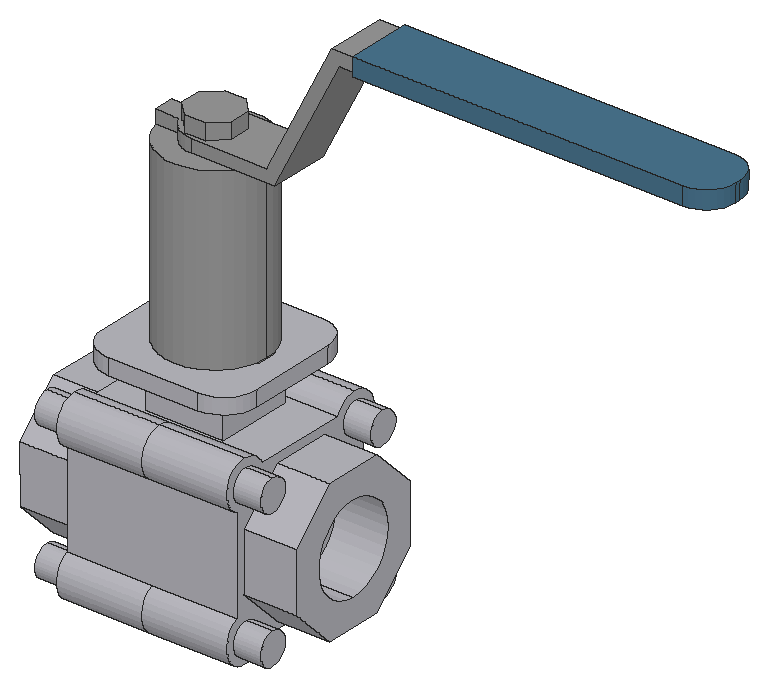
Revit family "321ASEK-Ball-Valve", category Pipe Accessories, Revit 2018
Family settings
  Round Connector Dimension = Use Diameter
  Part Type = Valve - Breaks Into
  OmniClass Number = 23.60.30.11.14
  OmniClass Title = Pipework Fittings
  Work Plane-Based = No
  Always vertical = Yes
  Cut with Voids When Loaded = No
  Shared = No
Parameters
  Z4 [instance] = size_lookup(LookupTable, "Z4", 0.000", Nominal Diameter)  # 0.920"
  Z3 [instance] = size_lookup(LookupTable, "Z3", 0.000", Nominal Diameter)  # 0.200"
  Weight [instance] = size_lookup(LookupTable, "Weight", "NA", Nominal Diameter)  # "4.59 lbs."
  URL = "http://www.fnw.com"
  Standards Lookup Table = "Standards"  # constant formula
  R3 [instance] = size_lookup(LookupTable, "R3", 0.000", Nominal Diameter)  # 1.24451"
  Product ID Handle [instance] = size_lookup(LookupTable, "ProductIDHandle", "NA", Nominal Diameter)  # "4448723"
  Product ID [instance] = size_lookup(LookupTable, "ProductID", "NA", Nominal Diameter)  # "4106150"
  Pipe Diameter [instance] = size_lookup(Standards Lookup Table, "copper", 0.000", Nominal Diameter)  # 1.125"
  Pins [instance] = Lm / 2  # 0.880"
  Pin Length [instance] = X2 * 4 + X3  # 2.8824"
  Pin Diameter [instance] = size_lookup(LookupTable, "m", 0.000", Nominal Diameter)  # 0.400"
  Pin Bung [instance] = Pin Diameter * 1.5  # 0.600"
  Part Number Handle [instance] = size_lookup(LookupTable, "PartNumberHandle", "NA", Nominal Diameter)  # "FNW320ASEKGH"
  Part Number [instance] = size_lookup(LookupTable, "PartNumber", "NA", Nominal Diameter)  # "FNW321AG"
  PIpe Radius [instance] = Pipe Diameter / 2  # 0.5625"
  NPT Insert [instance] = size_lookup(Standards Lookup Table, "NPT_insert", 0.000", Nominal Diameter)  # 0.6828"
  Manufacturer = "FNW"  # constant formula
  Lm [instance] = size_lookup(LookupTable, "lm", 0.000", Nominal Diameter)  # 1.760"
  Grip Pin4 [instance] = X3 / 2 + (X2 * 2)  # 1.4412"
  Gear [instance] = D3_Half - 0.063"  # 0.4295"
  Description BOM Handle [instance] = size_lookup(LookupTable, "Description_BOMHandle", "NA", Nominal Diameter)  # "1 - 1-1/4 STEM Extension Kit 320A BV"
  Description BOM [instance] = size_lookup(LookupTable, "Description_BOM", "NA", Nominal Diameter)  # "1 CS Stainless Steel 2000# Threaded 3 Piece Full Port BV"
  Z2 [instance] = size_lookup(LookupTable, "Z2", 0.000", Nominal Diameter)  # 0.300"
  Z1 [instance] = size_lookup(LookupTable, "Z1", 0.000", Nominal Diameter)  # 1.290"
  X3 [instance] = size_lookup(LookupTable, "X3", 0.000", Nominal Diameter)  # 1.4664"
  X2 [instance] = size_lookup(LookupTable, "X2", 0.000", Nominal Diameter)  # 0.354"
  X1 [instance] = size_lookup(LookupTable, "X1", 0.000", Nominal Diameter)  # 0.6828"
  Show Lever Clearance [instance] = no
  R2 [instance] = size_lookup(LookupTable, "R2", 0.000", Nominal Diameter)  # 1.04451"
  R1_Diam [instance] = R1 * 2  # 1.810"
  R1 [instance] = size_lookup(LookupTable, "R1", 0.000", Nominal Diameter)  # 0.905"
  Nominal Radius [instance] = Nominal Diameter / 2  # 0.500"
  Nominal Diameter [instance] = 1.000"
  LookupTable = "321ASEK-Ball-Valve"  # constant formula
  HexAngle1 [instance] = 135.00°  # constant formula
  D4 [instance] = size_lookup(LookupTable, "D4", 0.000", Nominal Diameter)  # 0.5625"
  D3_Half [instance] = D3 / 2  # 0.4925"
  D3 [instance] = size_lookup(LookupTable, "D3", 0.000", Nominal Diameter)  # 0.985"
  D2_Half [instance] = D2 / 2  # 0.73875"
  D2 [instance] = size_lookup(LookupTable, "D2", 0.000", Nominal Diameter)  # 1.4775"
  D1_Half [instance] = D1 / 2  # 0.985"
  D1 [instance] = size_lookup(LookupTable, "D1", 0.000", Nominal Diameter)  # 1.970"
  Body_W [instance] = Lm / 2 + 0.125"  # 1.005"
  1_Z5 [instance] = size_lookup(LookupTable, "1_Z5", 0.000", Nominal Diameter)  # 0.250"
  1_Z4 [instance] = size_lookup(LookupTable, "1_Z4", 0.000", Nominal Diameter)  # 0.125"
  1_Z3 [instance] = size_lookup(LookupTable, "1_Z3", 0.000", Nominal Diameter)  # 2.283"
  1_Z2 [instance] = size_lookup(LookupTable, "1_Z2", 0.000", Nominal Diameter)  # 0.1644"
  1_Z1 [instance] = size_lookup(LookupTable, "1_Z1", 0.000", Nominal Diameter)  # 1.66135"
  1_Y1 [instance] = size_lookup(LookupTable, "1_Y1", 0.000", Nominal Diameter)  # 0.760"
  1_X6 [instance] = size_lookup(LookupTable, "1_X6", 0.000", Nominal Diameter)  # 0.375"
  1_X5 [instance] = size_lookup(LookupTable, "1_X5", 0.000", Nominal Diameter)  # 0.375"
  1_X4 [instance] = size_lookup(LookupTable, "1_X4", 0.000", Nominal Diameter)  # 0.90315"
  1_X3 [instance] = size_lookup(LookupTable, "1_X3", 0.000", Nominal Diameter)  # 6.690"
  1_X2 [instance] = size_lookup(LookupTable, "1_X2", 0.000", Nominal Diameter)  # 0.83068"
  1_X1 [instance] = size_lookup(LookupTable, "1_X1", 0.000", Nominal Diameter)  # 1.8063"
  1_D1 [instance] = size_lookup(LookupTable, "1_D1", 0.000", Nominal Diameter)  # 1.3138"
Reference planes (in)
  plane 1 "Center (Front/Back)": y = 0
  plane 2: z = 0
  plane 3 "Center (Left/Right)": x = 0
  plane 4 "X7 End": x = -1.77
  plane 5: x = -0.7332
  plane 6: x = 0.7332
  plane 7: x = 1.77
  plane 8 "Pipe radius": z = 0.5625
  plane 9 "NPT": x = -1.0872
  plane 10: z = 0.905
  plane 11: z = 1.29
  plane 12: z = 1.59
  plane 13 "top of pad": z = 1.79
  plane 14: x = 1.0872
  plane 15: x = -1.0872
  plane 16: y = -0.88
  plane 17: z = -0.88
  plane 18: z = 0.88
  plane 19: y = 0.88
  plane 20: x = 10.098
  plane 21: x = -6.87
  plane 22: y = 2.5
  plane 23: y = -2.5
  plane 24: y = -0.88
  plane 25: z = -0.88
  plane 26: z = 0.88
  plane 27: y = 0.88
  plane 28: through (0, 0, 0) normal (0, 0.7071, -0.7071)
  plane 29: through (0, 0, 0) normal (0, 0.7071, 0.7071)
  plane 30: y = -0.88
  plane 31: y = 0.88
  plane 32: y = -1.465
  plane 33: z = -1.465
  plane 34: z = 1.465
  plane 35: y = 1.465
  plane 36 "Pin Plane": x = -1.4412
  plane 37 "NPT 3": x = 1.77
  plane 38: x = 1.4412
  plane 39: z = -1.27275
  plane 40 "LM": z = 1.27275
Forms (in)
  Extrusion 1, solid, material "Steel, Stainless", not visible
    sketch origin (-1.0872, 0, 0) x (0, 0, 1) y (0, -1, 0)
      loop
        circle (0, 0) r 0.5
    from 0 to 2.1744
  Extrusion 2, solid, material "Steel, Stainless"
    sketch origin (1.4276, 0, 0) x (0, 0, 1) y (0, -1, 0)
      loop
        line (-0.37486, -0.905) -> (0.37486, -0.905) -> (0.905, -0.37486) -> (0.905, 0.37486) -> (0.37486, 0.905) -> (-0.37486, 0.905) -> (-0.905, 0.37486) -> (-0.905, -0.37486) -> (-0.37486, -0.905)
      loop
        circle (0, 0) r 0.5625
    from -3.1976 to 0.3424
  Extrusion 3, solid, material "Steel, Stainless"
    sketch origin (0, 0, 0.865) x (-1, 0, 0) y (0, -1, 0)
      loop
        arc (0.56833, -0.985) -> (0.86296, -0.86296) -> (0.985, -0.56833) r 0.41667
        line (0.985, -0.56833) -> (0.985, 0.56833)
        arc (0.985, 0.56833) -> (0.86296, 0.86296) -> (0.56833, 0.985) r 0.41667
        line (0.56833, 0.985) -> (-0.56833, 0.985)
        arc (-0.56833, 0.985) -> (-0.86296, 0.86296) -> (-0.985, 0.56833) r 0.41667
        line (-0.985, 0.56833) -> (-0.985, -0.56833)
        arc (-0.985, -0.56833) -> (-0.86296, -0.86296) -> (-0.56833, -0.985) r 0.41667
        line (-0.56833, -0.985) -> (0.56833, -0.985)
      loop
        circle (0, 0) r 0.4925
      loop
        circle (0, 0) r 0.4295
    from 0.725 to 0.925
  Extrusion 4, solid, material "Steel, Stainless"
    sketch origin (0, 0, 0.865) x (-1, 0, 0) y (0, -1, 0)
      loop
        line (0.4925, -0.4925) -> (0.4925, 0.4925) -> (-0.4925, 0.4925) -> (-0.4925, -0.4925) -> (0.4925, -0.4925)
    from -0.3025 to 0.725
  Extrusion 5, solid, material "Steel, Stainless"
    sketch origin (0, 0, 0.865) x (-1, 0, 0) y (0, -1, 0)
      loop
        line (0.21875, -0.21875) -> (0.21875, 0.21875) -> (-0.21875, 0.21875) -> (-0.21875, -0.21875) -> (0.21875, -0.21875)
    from 0.425 to 0.925
  Extrusion 6, solid, material "Steel, Stainless"
    sketch origin (-1.0872, 0, 0) x (0, 0, 1) y (0, -1, 0)
      loop
        circle (0.88, 0.88) r 0.2
      loop
        circle (0.88, -0.88) r 0.2
      loop
        circle (-0.88, -0.88) r 0.2
      loop
        circle (-0.88, 0.88) r 0.2
    from -0.354 to 2.5284
  Extrusion 7, solid, material "Steel, Stainless"
    sketch origin (-1.0872, 0, 0) x (0, 0, 1) y (0, -1, 0)
      loop
        circle (0.88, -0.88) r 0.3
      loop
        circle (0.88, 0.88) r 0.3
      loop
        circle (-0.88, 0.88) r 0.3
      loop
        circle (-0.88, -0.88) r 0.3
    from 0 to 1.0872
  Extrusion 8, solid, material "Steel, Stainless"
    sketch origin (-1.0872, 0, 0) x (0, 0, 1) y (0, -1, 0)
      loop
        circle (0.88, -0.88) r 0.3
      loop
        circle (0.88, 0.88) r 0.3
      loop
        circle (-0.88, 0.88) r 0.3
      loop
        circle (-0.88, -0.88) r 0.3
    from 1.0872 to 2.1744
  Extrusion 9, solid, material "Steel, Stainless"
    sketch origin (-1.4412, 0, 0) x (0, 0, 1) y (0, -1, 0)
      loop
        line (1.005, -1.005) -> (1.005, 1.005) -> (-1.005, 1.005) -> (-1.005, -1.005) -> (1.005, -1.005)
    from 0.354 to 2.5284
Cuts and joins
  joined: Extrusion 7, Extrusion 8, Extrusion 9
Dimensions and locks (in)
  "PIpe Radius": plane 8 "Pipe radius" to plane 2
  "X1": plane 4 "X7 End" to plane 9 "NPT"
  "R1": Extrusion 2 sketch curve to plane 1 "Center (Front/Back)"
  "R1": plane 1 "Center (Front/Back)" to Extrusion 2 sketch curve  (x5)
  "R1": plane 2 to Extrusion 2 sketch curve  (x2)
  "R1": plane 10 to plane 2
  "Z1": plane 11 to plane 2
  "Z2": plane 12 to plane 11
  "Z3": plane 13 "top of pad" to plane 12
  "X2": plane 5 to plane 9 "NPT"
  "D1_Half": Extrusion 3 sketch curve to plane 3 "Center (Left/Right)"
  "D1_Half": plane 3 "Center (Left/Right)" to Extrusion 3 sketch curve
  "D1_Half": plane 1 "Center (Front/Back)" to Extrusion 3 sketch curve
  "D1_Half": Extrusion 3 sketch curve to plane 1 "Center (Front/Back)"
  "D3_Half": Extrusion 4 sketch curve to plane 3 "Center (Left/Right)"
  "D3_Half": plane 3 "Center (Left/Right)" to Extrusion 4 sketch curve
  "D3_Half": plane 1 "Center (Front/Back)" to Extrusion 4 sketch curve  (x2)
  "NPT Insert": plane 4 "X7 End" to plane 15
  equal spacing: Extrusion 5 sketch curve, plane 1 "Center (Front/Back)", Extrusion 5 sketch curve
  Extrusion 5 sketch curve to Extrusion 5 sketch curve = 0.4375"  (x2)
  equal spacing: Extrusion 5 sketch curve, plane 3 "Center (Left/Right)", Extrusion 5 sketch curve
  "Pins": plane 2 to plane 18
  "Pins": plane 2 to plane 17
  "Pins": plane 1 "Center (Front/Back)" to plane 16
  "Pins": plane 19 to plane 1 "Center (Front/Back)"
  equal spacing: plane 22, plane 1 "Center (Front/Back)", plane 23
  plane 22 to plane 23 = 5.000"
  "Pins": plane 27 to plane 1 "Center (Front/Back)" to plane 24
  "Pins": plane 25 to plane 2 to plane 26
  plane 31 to plane 30 = 1.760"
  equal spacing: plane 31, plane 1 "Center (Front/Back)", plane 30
  "Lm": plane 31 to plane 30
  plane 35 to plane 32 = 2.930"
  plane 33 to plane 34 = 2.930"
  "X2": plane 14 to plane 6
  "X2": plane 15 to plane 36 "Pin Plane"
  equal spacing: plane 6, plane 3 "Center (Left/Right)", plane 5
  "X3": plane 6 to plane 5
  "X1": plane 37 "NPT 3" to plane 14
  "Grip Pin4": Extrusion 6 to plane 3 "Center (Left/Right)"
  "X2": plane 38 to plane 14
  "NPT Insert": plane 7 to plane 14
  "Body_W": Extrusion 9 sketch curve to plane 2
  "Body_W": plane 1 "Center (Front/Back)" to Extrusion 9 sketch curve
  "Body_W": plane 2 to Extrusion 9 sketch curve
  "Body_W": Extrusion 9 sketch curve to plane 1 "Center (Front/Back)"
  "Nominal Radius": radius of Extrusion 1 sketch curve
  "PIpe Radius": radius of Extrusion 2 sketch curve
  radius of Extrusion 3 sketch curve = 0.41667"  (x4)
  "D3_Half": radius of Extrusion 3 sketch curve
  "Gear": radius of Extrusion 3 sketch curve
  "Pin Diameter": diameter of Extrusion 6 sketch curve  (x4)
  "Pin Bung": diameter of Extrusion 7 sketch curve  (x4)
  "Pin Bung": diameter of Extrusion 8 sketch curve  (x4)
  angle Extrusion 2 sketch curve to Extrusion 2 sketch curve = 135.00°  (x7)
  aligned and locked: plane 2 to level
  aligned and locked: plane 4 "X7 End" to Extrusion 2
  aligned and locked: Extrusion 3 to plane 12
  aligned and locked: plane 13 "top of pad" to Extrusion 3
  aligned and locked: Extrusion 4 to plane 8 "Pipe radius"
  aligned and locked: Extrusion 1 to plane 15
  aligned and locked: plane 12 to Extrusion 4
  aligned and locked: Extrusion 5 to plane 11
  aligned and locked: Extrusion 7 to plane 9 "NPT"
  aligned and locked: Extrusion 8 to Extrusion 1
  aligned and locked: plane 14 to Extrusion 8
  aligned and locked: Extrusion 2 to plane 37 "NPT 3"
  aligned and locked: plane 13 "top of pad" to Extrusion 5
  aligned and locked: Extrusion 6 to plane 36 "Pin Plane"
  aligned and locked: plane 3 "Center (Left/Right)" to Extrusion 7
  aligned and locked: Extrusion 8 to plane 3 "Center (Left/Right)"
  aligned and locked: Extrusion 9 to plane 9 "NPT"
  aligned and locked: Extrusion 9 to Extrusion 1
Automatic sketch dimensions
  Extrusion 1 sketch curve to level = 0.000"
  Extrusion 1 sketch curve to plane 1 "Center (Front/Back)" = 0.000"
  Extrusion 2 sketch curve to level = 0.000"
  Extrusion 2 sketch curve to plane 1 "Center (Front/Back)" = 0.000"
  Extrusion 3 sketch curve to Extrusion 3 sketch curve = 0.000"  (x2)
  plane 1 "Center (Front/Back)" to Extrusion 3 sketch curve = 0.000"
  Extrusion 3 sketch curve to plane 3 "Center (Left/Right)" = 0.000"
  Extrusion 6 sketch curve to plane 17 = 0.000"  (x2)
  Extrusion 6 sketch curve to plane 16 = 0.000"  (x2)
  plane 18 to Extrusion 6 sketch curve = 0.000"  (x2)
  Extrusion 6 sketch curve to plane 19 = 0.000"  (x2)
  Extrusion 7 sketch curve to plane 24 = 0.000"  (x2)
  Extrusion 7 sketch curve to plane 25 = 0.000"  (x2)
  plane 26 to Extrusion 7 sketch curve = 0.000"  (x2)
  Extrusion 7 sketch curve to plane 27 = 0.000"  (x2)
  plane 28 to Extrusion 8 sketch curve = 0.000"  (x2)
  Extrusion 8 sketch curve to plane 30 = 0.000"  (x2)
  plane 29 to Extrusion 8 sketch curve = 0.000"  (x2)
  Extrusion 8 sketch curve to plane 31 = 0.000"  (x2)
Nested families (in)
  nested 1: "Nested Lever Ex 321A" at (0, 0, 1.79), Show Lever Clearance <- "Show Lever Clearance", Description BOM <- "Description BOM Handle", Part Number <- "Part Number Handle", Product ID <- "Product ID Handle", Z3 <- "Z3", 1_Z2 <- "1_Z2", 1_Z1 <- "1_Z1", 1_Y1 <- "1_Y1", 1_X3 <- "1_X3", 1_X2 <- "1_X2", 1_X1 <- "1_X1", D3 <- "D3", 1_Z3 <- "1_Z3", 1_Z4 <- "1_Z4", 1_Z5 <- "1_Z5", 1_D1 <- "1_D1", type "Nested Lever Ex 321A"
    with Zero 0.000", Z6 0.125", Z3 0.200", Z1_Z2 0.91288", Void_Outer_Radius 0.4425", Void_Outer 0.885", Tab_Width 0.4425", Tab_Height_Center 0.83068", Show Lever Clearance no, Product ID "4448723", Part Number "FNW320ASEKGH", Nut 0.635", Lock_Tab_Width 1.010", Lock Tab 0.500", Hypotenuse_Tab_Center 0.92872", Grip_L3 0.2269", Grip_L2 0.19565", Grip_L1 0.03125", Description BOM "1 - 1-1/4 STEM Extension Kit 320A BV", D3_Half 0.32833", D3 0.985", Clearance Hieght 6.000", Angle Hex Head 135.00°, Ang_Constraint 39.81°, 1_Z5 0.250", 1_Z4 0.125", 1_Z3 2.283", 1_Z2_X2 0.3288", 1_Z2_Half 0.0822", 1_Z2 0.1644", 1_Z1_Quarter 0.49754", 1_Z1 1.66135", 1_Y1_Half 0.380", 1_Y1 0.760", 1_X3 6.690", 1_X2_Quarter 0.20767", 1_X2_Half 0.41534", 1_X2 0.83068", 1_X1 1.8063", 1_D1_Half 0.6569", 1_D1 1.3138", 0Grip 2.125"
Connectors (in)
  piping at (-1.0872, 0, 0), diameter 1, driven by "Nominal Diameter"
    settings: on Extrusion 1, index 1, connector inside diameter 24", connector length 0.000", flow factor 0, pipe flow 0 GPM, pressure drop 0.00 psi, fitting loss kfactor 0, connector angle 0.00°, fixture units 0, engagement length 0.000", angle of deflection 0.00°, flow configuration 0, flow direction 0, fitting loss method 0, system type 7, joint type 0, gender type 0, connector reference index 2, connector utility 0, adjustable connector no, is connector primary yes, connector description ""
  piping at (1.0872, 0, 0), diameter 1, driven by "Nominal Diameter"
    settings: on Extrusion 1, index 2, connector inside diameter 24", connector length 0.000", flow factor 0, pipe flow 0 GPM, pressure drop 0.00 psi, fitting loss kfactor 0, connector angle 0.00°, fixture units 0, engagement length 0.000", angle of deflection 0.00°, flow configuration 0, flow direction 0, fitting loss method 0, system type 7, joint type 0, gender type 0, connector reference index 1, connector utility 0, adjustable connector no, is connector primary no, connector description ""
Definition of nested family "Nested Lever Ex 321A"
  Parameters (values of type "Nested Lever Ex 320A")
    Zero [instance] = 0.000"  # constant formula
    Z6 [instance] = 0.125"
    Z3 [instance] = 0.125"
    Z1_Z2 [instance] = ([1_Z1] + [1_Z2]) / 2  # 0.71875"
    Tab_Width [instance] = [1_Y1_Half] + (Grip_L1 * 2)  # 1.0625"
    Tab_Height_Center [instance] = [1_Z1] / 2  # 0.625"
    Product ID [instance] = ""
    Part Number [instance] = ""
    Nut [instance] = [1_Y1] - 0.125"  # 1.875"
    Lock_Tab_Width [instance] = [1_Y1] + 0.250"  # 2.250"
    Lock Tab [instance] = 0.500"  # constant formula
    Hypotenuse_Tab_Center [instance] = sqrt(Tab_Height_Center ^ 2 + [1_X2_Half] ^ 2)  # 0.97628"
    Description BOM [instance] = ""
    Angle 2 = 45.00°  # constant formula
    Ang_Constraint [instance] = 39.81°  # constant formula
    1_Z5 [instance] = 0.69253"
    1_Z4 [instance] = 0.31083"
    1_Z3 [instance] = 4.14213"
    1_Z2_X2 [instance] = [1_Z2] * 2  # 0.375"
    1_Z2 [instance] = 0.1875"
    1_Z1_Quarter [instance] = [1_Z1] / 4 + ([1_Z2_Half])  # 0.40625"
    1_Z1 [instance] = 1.250"
    1_Y1_Half [instance] = [1_Y1] / 2  # 1.000"
    1_Y1 [instance] = 2.000"
    1_X3 [instance] = 15.65095"
    1_X2_Quarter [instance] = [1_X2] / 4  # 0.375"
    1_X2_Half [instance] = [1_X2] / 2  # 0.750"
    1_X1 [instance] = 2.500"
    1_X2 [instance] = 1.500"
    Void_Outer_Radius [instance] = Void_Outer / 2  # 1.0625"
    Void_Outer [instance] = [1_Y1] + Grip_L1 * 4  # 2.125"
    Show Lever Clearance [instance] = yes
    Grip_L3 [instance] = Grip_L1 + Grip_L2  # 0.250"
    Grip_L1 [instance] = 0.03125"  # constant formula
    Grip_L2 [instance] = [1_Z2] + Grip_L1  # 0.21875"
    Default Elevation = 48.000"
    D3_Half [instance] = D3 / 3  # 0.23251"
    D3 [instance] = 0.69752"
    Clearance Hieght [instance] = 6.000"  # constant formula
    Angle Hex Head [instance] = 135.00°  # constant formula
    1_Z2_Half [instance] = [1_Z2] / 2  # 0.09375"
    1_D1_Half [instance] = [1_D1] / 2  # 1.000"
    1_D1 [instance] = 2.000"
    0Grip [instance] = 2.125"  # constant formula
  Reference planes (in)
    plane 1 "Center (Front/Back)": y = 0
    plane 2: z = 0
    plane 3 "Center (Left/Right)": x = 0
    plane 4: y = 1
    plane 5: y = -1
    plane 6: y = 1.03125
    plane 7: y = -1.03125
    plane 8: y = 0.5
    plane 9: y = -0.5
    plane 10: x = 2.25
    plane 11: z = 4.32963
    plane 12: x = 15.65095
    plane 13: x = 1.4375
    plane 14: x = 2.9375
    plane 15: z = 5.57963
    plane 16: z = 5.39213
    plane 17: z = 4.45463
    plane 18: z = 5.61088
    plane 19: z = 5.36088
    plane 20: x = 3.15625
    plane 21: z = 3.82963
    plane 22: x = -1.0625
    plane 23: x = 0.23251
    plane 24: x = 1
    plane 25: x = -1
    plane 26: z = -0.69253
    plane 27: z = -0.31083
    plane 28 "Lever Base": z = 4.14213
    plane 29: y = 0.133
    plane 30: y = -0.133
    plane 31: x = 0.1875
  Forms (in)
    Extrusion 1, solid
      sketch origin (0, 0, 0) x (1, 0, 0) y (0, 1, 0)
        loop
          line (-48, 48) -> (-48, -48) -> (48, -48) -> (48, 48) -> (-48, 48)
      from 0 to -12
    Extrusion 2, solid
      sketch origin (0, 0, 8.25) x (1, 0, 0) y (0, 0, 1)
        loop
          line (1.14462, -4.10787) -> (1.4375, -4.10787) -> (2.9375, -2.85787) -> (4.15625, -2.85787) -> (4.15625, -2.67037) -> (2.86962, -2.67037) -> (1.14462, -4.10787)
      from -1 to 1
    Extrusion 3, solid
      sketch origin (0, 0, 8.25) x (1, 0, 0) y (0, 1, 0)
        loop
          line (0.9375, 0.38833) -> (0.38833, 0.9375) -> (-0.38833, 0.9375) -> (-0.9375, 0.38833) -> (-0.9375, -0.38833) -> (-0.38833, -0.9375) -> (0.38833, -0.9375) -> (0.9375, -0.38833) -> (0.9375, 0.38833)
      from -3.92037 to -3.79537
    Extrusion 4, solid
      sketch origin (0, 0, 8.25) x (1, 0, 0) y (0, 1, 0)
        loop
          line (14.65095, 1.03125) -> (3.15625, 1.03125) -> (3.15625, -1.03125) -> (14.65095, -1.03125)
          arc (14.65095, -1.03125) -> (15.35806, -0.73836) -> (15.65095, -0.03125) r 1
          line (15.65095, -0.03125) -> (15.65095, 0.03125)
          arc (15.65095, 0.03125) -> (15.35806, 0.73836) -> (14.65095, 1.03125) r 1
      from -2.88912 to -2.63912
    Extrusion 5, solid, visible <- "Show Lever Clearance"
      sketch origin (2.98898, 0, 4.14213) x (0, 1, 0) y (-1, 0, 0)
        loop
          line (1, 1) -> (-12.66198, 1)
          arc (-12.66198, 1) -> (-8.66048, -8.66048) -> (1, -12.66198) r 13.66198
          line (1, -12.66198) -> (1, 1)
      from 0 to 6 <- "Clearance Hieght"
    Extrusion 6, solid
      sketch origin (0, 0, 8.25) x (1, 0, 0) y (0, 1, 0)
        loop
          line (1.4375, -1) -> (1.4375, 1) -> (0, 1) -> (0, -1) -> (1.4375, -1)
      from -4.10787 to -3.92037
    Revolve 7, solid
      sketch origin (0, 0, 0) x (1, 0, 0) y (0, 0, 1)
        loop
          line (0, 0) -> (1, 0) -> (1, 4.14213) -> (0.625, 4.14213) -> (0.625, 0.28036) -> (0, 0.28036) -> (0, 0)
        axis (0, 4.14213) -> (0, 0)
      angle from 0 to 360
    Extrusion 8, solid
      sketch origin (0, 0, 0) x (1, 0, 0) y (0, 1, 0)
        loop
          line (-1, 0.133) -> (-1, -0.133) -> (-0.8125, -0.133) -> (-0.8125, 0.133) -> (-1, 0.133)
      from -0.69253 to 0
    Extrusion 9, solid
      sketch origin (0, 0, 0) x (1, 0, 0) y (0, 1, 0)
        loop
          line (-1, 0.133) -> (-1, -0.133) -> (-0.875, -0.133) -> (-0.875, 0.133) -> (-1, 0.133)
      from 3.64213 to 4.14213
    Extrusion 10, solid
      sketch origin (0, 0, 0) x (-1, 0, 0) y (0, -1, 0)
        loop
          line (-1, -0.133) -> (-0.8125, -0.133) -> (-0.8125, 0.133) -> (-1, 0.133) -> (-1, -0.133)
      from -0.31083 to 0
    Extrusion 11, solid
      sketch origin (0, 0, 0) x (1, 0, 0) y (0, 1, 0)
        loop
          circle (0, 0) r 1
      from 4.14213 to 4.32963
    Extrusion 12, solid
      sketch origin (0, 0, 4.14213) x (0, 1, 0) y (-1, 0, 0)
        loop
          line (0.133, 1) -> (-0.133, 1) -> (-0.133, 0) -> (0.133, 0) -> (0.133, 1)
      from 0 to 0.1875
  Cuts and joins
    joined: Extrusion 2, Extrusion 6, Extrusion 9, Extrusion 11, Extrusion 12
  Lines and regions (in)
    reference lines
      curve 1: line (0, 0, 7.6012) -> (0, 0, 3.32963)
  Dimensions and locks (in)
    equal spacing: plane 4, plane 1 "Center (Front/Back)", plane 5
    "1_Y1": plane 4 to plane 5
    "Grip_L1": plane 5 to plane 7
    "Grip_L1": plane 6 to plane 4
    equal spacing: plane 9, plane 1 "Center (Front/Back)", plane 8
    "1_Y1_Half": plane 9 to plane 8
    "1_X3": plane 12 to plane 3 "Center (Left/Right)"
    "1_X2": plane 14 to plane 13
    "1_Z2": plane 15 to plane 16
    equal spacing: Extrusion 3 sketch curve, curve 1, Extrusion 3 sketch curve  (x4)
    "Nut": Extrusion 3 sketch curve to Extrusion 3 sketch curve  (x4)
    "Grip_L1": plane 18 to plane 15
    "Grip_L2": plane 15 to plane 19
    "Grip_L2": plane 20 to plane 14
    Extrusion 5 sketch curve to Extrusion 5 sketch curve = 13.66198"  (x2)
    "D3_Half": plane 23 to plane 3 "Center (Left/Right)"
    equal spacing: plane 25, plane 3 "Center (Left/Right)", plane 24
    "1_D1": plane 25 to plane 24
    "1_Z4": plane 27 to plane 2
    "1_Z5": plane 26 to plane 2
    "Lock Tab": plane 21 to plane 11
    "1_Z3": plane 2 to plane 28 "Lever Base"
    "1_Z2_X2": Revolve 7 sketch curve to plane 24
    equal spacing: Extrusion 8 sketch curve, plane 1 "Center (Front/Back)", Extrusion 8 sketch curve
    Extrusion 8 sketch curve to Extrusion 8 sketch curve = 0.26599"
    "1_Z2": plane 25 to Extrusion 8 sketch curve
    Extrusion 9 sketch curve to Extrusion 9 sketch curve = 0.26599"  (x2)
    "Lock Tab": plane 28 "Lever Base" to Extrusion 9
    "1_Z2": plane 28 "Lever Base" to plane 11
    "Z3": plane 11 to plane 17
    plane 11 to plane 15 = 1.250"
    Extrusion 10 sketch curve to Extrusion 10 sketch curve = 0.26599"  (x2)
    "1_Z2": Extrusion 10 to plane 24
    plane 12 to plane 3 "Center (Left/Right)" = 15.65095"
    "1_Z2": plane 15 to Extrusion 2
    equal spacing: plane 29, plane 1 "Center (Front/Back)", plane 30
    "1_Z2": plane 31 to plane 3 "Center (Left/Right)"
    equal spacing: plane 13, plane 31, plane 22
    "1_X1": plane 13 to plane 22
    "1_Z2": Extrusion 2 sketch curve to Extrusion 2 sketch curve
    "1_Z1": plane 15 to plane 11
    "1_Y1_Half": radius of Extrusion 4 sketch curve  (x2)
    radius of Extrusion 5 sketch curve = 13.66198"
    "1_Y1_Half": radius of Extrusion 11 sketch curve
    "Angle Hex Head": angle Extrusion 3 sketch curve to Extrusion 3 sketch curve  (x6)
    aligned and locked: plane 2 to Extrusion 1
    aligned and locked: level to Extrusion 1
    aligned and locked: plane 16 to Extrusion 2 sketch curve
    aligned and locked: plane 15 to Extrusion 2 sketch curve
    aligned and locked: curve 1 to plane 3 "Center (Left/Right)"
    aligned and locked: plane 11 to Extrusion 3
    aligned and locked: Extrusion 3 to plane 17
    aligned and locked: Extrusion 4 sketch curve to plane 20
    aligned and locked: Extrusion 4 to plane 19
    aligned and locked: Extrusion 4 to plane 18
    aligned and locked: plane 13 to Extrusion 6 sketch curve
    aligned and locked: plane 24 to Revolve 7 sketch curve
    aligned and locked: Extrusion 8 to plane 26
    aligned and locked: plane 28 "Lever Base" to Extrusion 9
    aligned and locked: plane 27 to Extrusion 10
    aligned and locked: plane 12 to Extrusion 5
    aligned and locked: plane 4 to Extrusion 2
    aligned and locked: Extrusion 2 to plane 5
    aligned and locked: plane 4 to Extrusion 6 sketch curve
    aligned and locked: plane 5 to Extrusion 6 sketch curve
    aligned and locked: Extrusion 6 to plane 3 "Center (Left/Right)"
    aligned and locked: Extrusion 11 to plane 11
    aligned and locked: Extrusion 11 to Extrusion 5
    aligned and locked: Extrusion 6 to Extrusion 5
    aligned and locked: Extrusion 6 to plane 11
    aligned and locked: Extrusion 12 sketch curve to plane 25
    aligned and locked: Extrusion 12 to plane 11
    aligned and locked: Revolve 7 to plane 28 "Lever Base"
  Automatic sketch dimensions
    Extrusion 1 sketch curve to Extrusion 1 sketch curve = 96.000"  (x2)
    plane 21 to curve 1 = 0.500"
    plane 18 to curve 1 = 1.99032"
    Extrusion 9 sketch curve to plane 25 = 0.000"
    Extrusion 9 sketch curve to Extrusion 9 sketch curve = 0.125"
    plane 1 "Center (Front/Back)" to Extrusion 9 sketch curve = 0.133"
    Extrusion 10 sketch curve to plane 24 = 0.000"
    Extrusion 10 sketch curve to Extrusion 10 sketch curve = 0.1875"
    Extrusion 10 sketch curve to plane 1 "Center (Front/Back)" = 0.133"
    Extrusion 5 sketch curve to plane 25 = 2.98898"
    Extrusion 5 sketch curve to plane 4 = 0.000"
    Extrusion 6 sketch curve to plane 25 = 1.000"
    Extrusion 12 sketch curve to plane 30 = 0.000"
    plane 29 to Extrusion 12 sketch curve = 0.000"
    Extrusion 12 sketch curve to plane 3 "Center (Left/Right)" = 0.000"
    Extrusion 2 sketch curve to plane 28 "Lever Base" = 0.000"
    plane 13 to Extrusion 2 sketch curve = 0.000"
    Extrusion 2 sketch curve to plane 14 = 0.000"
    plane 20 to Extrusion 2 sketch curve = 1.000"
    plane 6 to Extrusion 4 sketch curve = 0.000"
    plane 7 to Extrusion 4 sketch curve = 0.000"
    Extrusion 4 sketch curve to plane 12 = 0.000"
    Revolve 7 sketch curve to plane 3 "Center (Left/Right)" = 0.000"  (x2)
    Revolve 7 sketch curve to level = 0.000"
    Revolve 7 sketch curve to plane 28 "Lever Base" = 0.000"
    level to Revolve 7 sketch curve = 0.28036"
    Revolve 7 sketch curve to plane 26 = 2.83452"
    plane 21 to Revolve 7 sketch curve = 0.750"
    Extrusion 8 sketch curve to plane 25 = 0.000"
    plane 1 "Center (Front/Back)" to Extrusion 11 sketch curve = 0.000"
    Extrusion 11 sketch curve to plane 3 "Center (Left/Right)" = 0.000"
